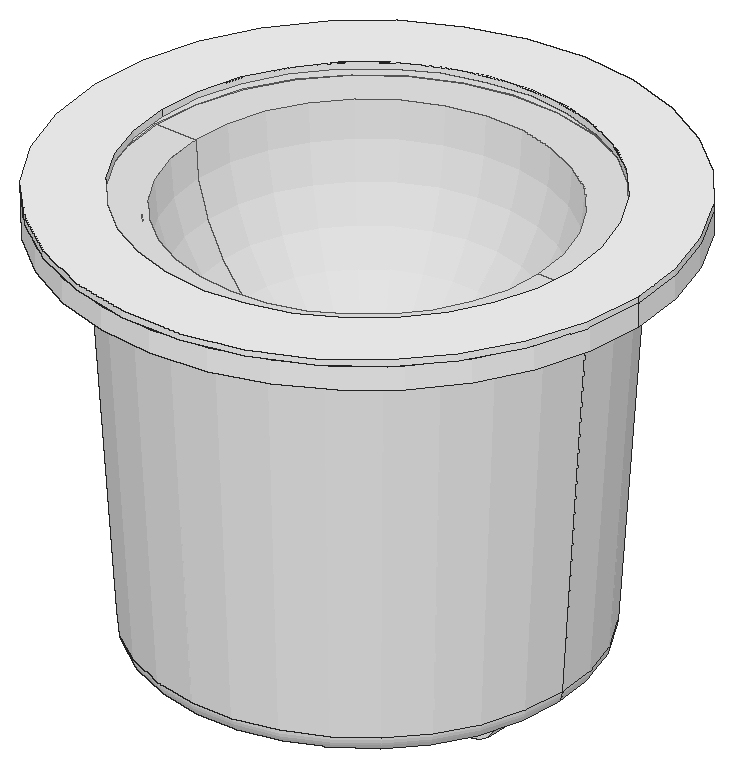
Revit family "2058903 Feilo Sylvania Lighting Fixture MYRD IP FL 4K DALIEM BLK WBEZ", category Lighting Fixtures, host Face, Revit 2017
Family settings
  Host = Face
  Round Connector Dimension = Use Diameter
  Part Type = Normal
  OmniClass Number = 23.80.70.11.17
  OmniClass Title = Specialized Lighting by Location or Use
  Cut with Voids When Loaded = No
  Light Source = Yes
  Shared = No
  Room Calculation Point = No
Parameters
  Weight = "1.44 kg"
  Wattage = 12 W
  WarrantyStartDate [instance] = "n/a"
  WarrantyGuarantorParts = "n/a"
  WarrantyDurationUnit = "n/a"
  WarrantyDurationParts = "n/a"
  WarrantyDescription = "n/a"
  built-in parameter 1150110 = 1 (stored number, unit not read)
  Voltage = 230 V
  URL = "http://www.sylvania-lighting.com"
  TypeName = "MYRD IP FL 4K DALIEM BLK WBEZ"
  Type Image = 0
  Type Comments = ""
  built-in parameter 1114217 = 1 (stored number, unit not read)
  Tilt Angle = -90°
  built-in parameter 1150109 = 1 (stored number, unit not read)
  built-in parameter 1150134 = 12
  built-in parameter 1150113 = 1 (stored number, unit not read)
  SerialNumber [instance] = "n/a"
  Reflector Radius = Cutout Diameter / 2 - 2.5 mm  # 35.0 mm
  Reflector Material = Aluminum_Sylvania_Myriad_Bright
  Recessed Depth = Height  # 72.0 mm
  PowerFactor = 0
  PowerConsumption = "12 W"
  Photometric Web File = ""
  NominalWidth = 0.0 mm
  NominalLength = 76.0 mm
  NominalHeight = 72.0 mm
  Name = "MYRD IP FL 4K DALIEM BLK WBEZ"
  ModelReference = "MYRD IP FL 4K DALIEM BLK WBEZ"
  ModelNumber = "2058903"
  Material = "Aluminium"
  ManufacturerName = "Feilo Sylvania"
  LuminousEfficacy = "98 lm/W"
  LuminaireType = "Ceiling recessed"
  LightOutputRatio = "1"
  LampsType = Lamp  # "LED"
  LampNominalLuminous = "977 lm"
  LampMacAdamStep = "n/a"
  LampColourTemperature = "4000 K"
  LampColourRenderingIndex = "n/a"
  Keynote = "16500"
  Keynote_2 = "16500"
  InstallationDate [instance] = "n/a"
  InputVoltage = "230-240V~"
  InputNominalFrequency = "50/60 Hz"
  IngressProtection = "IP65"
  ImpactProtectionIndex = "IK02"
  IfcExportType = "IfcLightFixtureType"
  IfcExportAs = "IfcLightFixtureType"
  Height = 72.0 mm  # constant formula
  ExpectedLife = 50000
  Emit from Circle Diameter = Accessory Inner Diameter 2  # 68.0 mm
  Emit Shape Visible in Rendering = no
  ElectricShockClassification = "Class II"
  DurationUnit = "hours"
  DocumentationLiterature = "http://www.sylvania-lighting.com/product/en-int/products/2058903"
  DimmingControlOptions = "Dimmable"
  Diffuser Material = Glass_Sylvania_Myriad_Clear_4000K
  Diffuser Diameter = Cutout Diameter  # 75.0 mm
  Cutout Diameter = 75.0 mm  # constant formula
  CreatedOn = "03-11-2017"
  CreatedBy = ""
  Cost = 0
  built-in parameter 1114216 [instance] = 1 (stored number, unit not read)
  built-in parameter 1150142 = (empty or 0)
  Model = "MYRD IP FL 4K DALIEM BLK WBEZ"
  Manufacturer = "Feilo Sylvania"  # constant formula
  built-in parameter 1150105 = 93.583 (stored number, unit not read)
  Lumens = 1176 lm
  built-in parameter 1150115 = 1 (stored number, unit not read)
  built-in parameter 1150137 = (empty or 0)
  built-in parameter 1150139 = (empty or 0)
  built-in parameter 1150112 = 1 (stored number, unit not read)
  built-in parameter 1150114 = 1 (stored number, unit not read)
  Lamp = "LED"
  built-in parameter 1150132 = (empty or 0)
  built-in parameter 1150102 = (empty or 0)
  built-in parameter 1150107 = 4000 (stored number, unit not read)
  built-in parameter 1150138 = (empty or 0)
  built-in parameter 1150106 = 0.93583 (stored number, unit not read)
  built-in parameter 1150104 = 9.1045 (stored number, unit not read)
  Dimming Lamp Color Temperature Shift = (empty or 0)
  Description = "Supplied complete with electronic control gear Compact Fluorescent low energy downlight Emergency version passes through the cut out Ideal for low level orientation lighting New range of Architectural accessories each providing a different lit dimension New completely flush plaster up accessory ring for clean ceiling lines and smooth finish Order lamp separately"  # constant formula
  Default Elevation = 0.0 mm
  Color Filter = 16777215
  built-in parameter 1140040 [instance] = 1
  Body Radius = Reflector Radius + 1.5 mm  # 36.5 mm
  Body Material = Aluminum_Sylvania_Myriad_Gray
  BarCode [instance] = "n/a"
  built-in parameter 1114218 = 1 (stored number, unit not read)
  built-in parameter 1150133 = 10 (stored number, unit not read)
  AssetType = "Fixed"
  AssetIdentifier [instance] = "n/a"
  Assembly Code = "D5020200"
  Apparent Load = 12 VA
  Accessory Material = Aluminum_Sylvania_Myriad_White
  Accessory Inner Diameter 2 = Accessory Diameter - 22.0 mm  # 68.0 mm
  Accessory Inner Diameter 1 = Accessory Diameter - 2.0 mm  # 88.0 mm
  Accessory Diameter = Cutout Diameter + 15.0 mm  # 90.0 mm
Reference planes
  plane 1 "Center (Front/Back)": y = 0
  plane 2: z = 0
  plane 3 "Center (Left/Right)": x = 0
  plane 4: z = 2
  plane 5 "Fixture Bottom": z = 4.5
  plane 6: z = -28.5
  plane 7: z = -61.5
  plane 8 "Fixture Top": z = -67.5
  plane 9: z = 3.5
Forms (mm)
  Revolve 1, solid, material "Aluminum_Sylvania_Myriad_Bright" <- "Reflector Material", detail levels fine
    sketch origin (0, 0, 0) x (1, 0, 0) y (0, 0, 1)
      loop
        line (0, -27.515) -> (-6, -27.515)
        arc (-6, -27.515) -> (-22.333, -16.632) -> (-28.5, 2) r 30.135
        line (-28.5, 2) -> (-35, 2) -> (-35, 0) -> (-29.184, 0)
        arc (-29.184, 0) -> (-22.423, -18.18) -> (-6, -28.5) r 30.204
        line (-6, -28.5) -> (0, -28.5) -> (0, -27.515)
      axis (0, -28.5) -> (0, 2)
    angle from 0 to 360
  Revolve 2, solid, material "Aluminum_Sylvania_Myriad_Gray" <- "Body Material", detail levels fine
    sketch origin (0, 0, 0) x (1, 0, 0) y (0, 0, 1)
      loop
        line (-44, 2) -> (-44, 0) -> (-36.5, 0) -> (-32.42, -58.708)
        arc (-32.42, -58.708) -> (-31.474, -60.694) -> (-29.428, -61.5) r 3
        line (-29.428, -61.5) -> (0, -61.5) -> (0, -28.5) -> (-6, -28.5)
        arc (-6, -28.5) -> (-22.423, -18.18) -> (-29.184, 0) r 30.204
        line (-29.184, 0) -> (-35, 0) -> (-35, 2) -> (-44, 2)
      axis (0, 2) -> (0, -61.5)
    angle from 0 to 360
  Extrusion 3, solid, material "Aluminum_Sylvania_Myriad_Gray" <- "Body Material", detail levels fine
    sketch origin (0, 0, 0) x (1, 0, 0) y (0, 0, 1)
      loop
        line (-13.5, -67.5) -> (21, -67.5)
        arc (21, -67.5) -> (23.828, -66.328) -> (25, -63.5) r 4
        line (25, -63.5) -> (25, -61.5) -> (-17.5, -61.5) -> (-17.5, -63.5)
        arc (-17.5, -63.5) -> (-16.328, -66.328) -> (-13.5, -67.5) r 4
    from -4.5 to 4.5
  Extrusion 4, solid, material "Aluminum_Sylvania_Myriad_White" <- "Accessory Material", detail levels fine
    sketch origin (0, 0, 0) x (1, 0, 0) y (0, 1, 0)
      loop
        circle (0, 0) r 45
      loop
        circle (0, 0) r 44
    from 0 to 3.5
  Extrusion 5, solid, material "Aluminum_Sylvania_Myriad_White" <- "Accessory Material", detail levels fine
    sketch origin (0, 0, 0) x (1, 0, 0) y (0, 1, 0)
      loop
        circle (0, 0) r 45
      loop
        circle (0, 0) r 34
    from 3.5 to 4.5
  Extrusion 6, solid, material "Aluminum_Sylvania_Myriad_White" <- "Accessory Material", detail levels coarse+medium
    sketch origin (0, 0, 0) x (1, 0, 0) y (0, 1, 0)
      loop
        circle (0, 0) r 45
    from 0 to 4.5
  Revolve 7, solid, detail levels coarse+medium
    sketch origin (0, 0, 0) x (1, 0, 0) y (0, 0, 1)
      loop
        line (36.5, 0) -> (0, 0) -> (0, -61.5) -> (32.226, -61.5) -> (36.5, 0)
      axis (0, 0) -> (0, -61.5)
    angle from 0 to 360
  Extrusion 8, void
    sketch origin (0, 0, 0) x (1, 0, 0) y (0, 1, 0)
      loop
        circle (0, 0) r 37.5
    from -67.5 to 0
  Extrusion 9, solid, material "Glass_Sylvania_Myriad_Clear_4000K" <- "Diffuser Material", detail levels fine
    sketch origin (0, 0, 0) x (1, 0, 0) y (0, 1, 0)
      loop
        circle (0, 0) r 37.5
    from 2 to 3.5
Cuts and joins
  joined: Extrusion 4, Extrusion 5
Lines and regions (mm)
  Masking region 1
    outline origin (0, 0, 0) x (1, 0, 0) y (0, 1, 0)
      loop
        circle (0, 0) r 45
  symbolic lines
    curve 1: arc (-34, 0, 0) -> (0, 34, 0) -> (34, 0, 0) r 34
    curve 2: arc (34, 0, 0) -> (0, -34, 0) -> (-34, 0, 0) r 34
Dimensions and locks
  locked: plane 7 to plane 8 "Fixture Top" at 6
  "Body Radius": Revolve 7 sketch curve to plane 3 "Center (Left/Right)"
  locked: Revolve 7 sketch curve to Revolve 7 sketch curve at 4.274
  plane 5 "Fixture Bottom" to plane 9 to plane 4 to plane 2 to plane 6 = 1.0 mm locked, 1.5 mm locked, 2.0 mm locked, 28.5 mm locked
  "Reflector Radius": Revolve 1 sketch curve to plane 3 "Center (Left/Right)"
  Revolve 1 sketch curve to Revolve 1 sketch curve to Revolve 1 sketch curve to Revolve 1 sketch curve = 6.5 mm locked, 22.5 mm locked, 0.0 mm locked
  "Reflector Radius": plane 3 "Center (Left/Right)" to Revolve 2 sketch curve
  Revolve 2 sketch curve to Revolve 2 sketch curve to Revolve 2 sketch curve = 7.5 mm locked, 1.5 mm locked
  Revolve 2 sketch curve to Revolve 2 sketch curve to Revolve 2 sketch curve = 5.816 mm locked, 23.184 mm locked
  Revolve 2 sketch curve to Revolve 2 sketch curve to Revolve 2 sketch curve = 2.58 mm locked, 2.993 mm locked
  "Accessory Diameter": diameter of Extrusion 4 sketch curve
  "Accessory Inner Diameter 1": diameter of Extrusion 4 sketch curve
  "Accessory Diameter": diameter of Extrusion 5 sketch curve
  "Accessory Diameter": diameter of Extrusion 6 sketch curve
  "Cutout Diameter": diameter of Extrusion 8 sketch curve
  "Accessory Inner Diameter 2": diameter of Extrusion 5 sketch curve
  "Diffuser Diameter": diameter of Extrusion 9 sketch curve
  aligned and locked: plane 2 to host face
  aligned and locked: level to host face
  aligned and locked: plane 1 "Center (Front/Back)" to imposter light
  aligned and locked: plane 3 "Center (Left/Right)" to imposter light
  aligned and locked: Revolve 1 sketch curve to imposter light
  aligned and locked: Extrusion 3 sketch curve to plane 8 "Fixture Top"
  aligned and locked: plane 7 to Extrusion 3 sketch curve
  aligned and locked: Extrusion 4 to plane 2
  aligned and locked: plane 9 to Extrusion 4
  aligned and locked: Extrusion 5 to plane 9
  aligned and locked: plane 5 "Fixture Bottom" to Extrusion 5
  aligned and locked: Extrusion 6 to plane 2
  aligned and locked: plane 5 "Fixture Bottom" to Extrusion 6
  aligned and locked: Extrusion 8 to plane 8 "Fixture Top"
  aligned and locked: plane 2 to Extrusion 8
  aligned and locked: Masking region 1 sketch curve to Extrusion 6  (x2)
  aligned and locked: Extrusion 9 to plane 4
  aligned and locked: plane 9 to Extrusion 9
  aligned and locked: plane 4 to Revolve 2 sketch curve
  aligned and locked: Revolve 2 sketch curve to plane 2
  aligned and locked: curve 1 to cut or joined group of Extrusion 4, Extrusion 5
  aligned and locked: curve 2 to cut or joined group of Extrusion 4, Extrusion 5
  aligned and locked: imposter light to plane 5 "Fixture Bottom"
Automatic sketch dimensions
  host sketch curve to host sketch curve = 1305.563 mm
  host sketch curve to host sketch curve = 1283.632 mm
  Extrusion 3 sketch curve to plane 7 = 2.0 mm
  Extrusion 3 sketch curve to plane 3 "Center (Left/Right)" = 13.5 mm
  plane 3 "Center (Left/Right)" to Extrusion 3 sketch curve = 21.0 mm
  Extrusion 3 sketch curve to Extrusion 3 sketch curve = 4.0 mm
  Revolve 1 sketch curve to level = 0.0 mm
  Revolve 1 sketch curve to plane 3 "Center (Left/Right)" = 0.0 mm
  Revolve 1 sketch curve to plane 6 = 0.0 mm
  Revolve 1 sketch curve to plane 4 = 0.0 mm
  Revolve 1 sketch curve to Revolve 1 sketch curve = 0.684 mm
  level to Revolve 1 sketch curve = 0.88 mm
  Revolve 1 sketch curve to plane 4 = 0.363 mm
  Revolve 1 sketch curve to Revolve 1 sketch curve = 0.625 mm
  Revolve 1 sketch curve to plane 8 "Fixture Top" = 232.8 mm
  plane 5 "Fixture Bottom" to Revolve 1 sketch curve = 291.243 mm
  Revolve 2 sketch curve to plane 3 "Center (Left/Right)" = 0.0 mm  (x2)
  Revolve 2 sketch curve to plane 7 = 0.0 mm
  Revolve 2 sketch curve to plane 6 = 0.0 mm
  Revolve 2 sketch curve to level = 0.0 mm
  level to Revolve 2 sketch curve = 0.88 mm
  plane 7 to Revolve 2 sketch curve = 2.792 mm
  Revolve 2 sketch curve to plane 8 "Fixture Top" = 304.774 mm
  plane 5 "Fixture Bottom" to Revolve 2 sketch curve = 1137.105 mm
  Extrusion 4 sketch curve to Extrusion 4 sketch curve = 0.0 mm  (x2)
  plane 1 "Center (Front/Back)" to Extrusion 4 sketch curve = 0.0 mm
  Extrusion 4 sketch curve to plane 3 "Center (Left/Right)" = 0.0 mm
  Extrusion 5 sketch curve to Extrusion 5 sketch curve = 0.0 mm  (x2)
  plane 1 "Center (Front/Back)" to Extrusion 5 sketch curve = 0.0 mm
  Extrusion 5 sketch curve to plane 3 "Center (Left/Right)" = 0.0 mm
  plane 1 "Center (Front/Back)" to Extrusion 6 sketch curve = 0.0 mm
  Extrusion 6 sketch curve to plane 3 "Center (Left/Right)" = 0.0 mm
  Revolve 7 sketch curve to level = 0.0 mm
  Revolve 7 sketch curve to plane 3 "Center (Left/Right)" = 0.0 mm  (x2)
  Revolve 7 sketch curve to plane 7 = 0.0 mm
  Revolve 7 sketch curve to plane 8 "Fixture Top" = 304.774 mm
  plane 5 "Fixture Bottom" to Revolve 7 sketch curve = 43.226 mm
  plane 1 "Center (Front/Back)" to Extrusion 8 sketch curve = 0.0 mm
  Extrusion 8 sketch curve to plane 3 "Center (Left/Right)" = 0.0 mm
  plane 1 "Center (Front/Back)" to Extrusion 9 sketch curve = 0.0 mm
  Extrusion 9 sketch curve to plane 3 "Center (Left/Right)" = 0.0 mm
Connectors
  electrical at (-0.006, -0.019, -67.5), driven by "Apparent Load", driven by "Apparent Load"
    settings: on plane 8 "Fixture Top", index 1, voltage 230 V, apparent load 12 VA, apparent load phase1 12 VA, apparent load phase2 0 VA, apparent load phase3 0 VA, power factor 1, load classification "Lighting", number of poles 1, system type 30, power factor state 1, is connector primary yes, connector utility no, sub classification motor no, connector description ""
